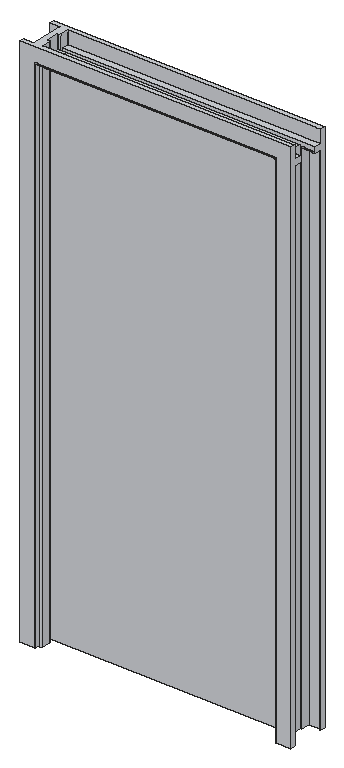
Revit family "KompaktSystem", category Drzwi, Revit 2016
Family settings
  Obiekt nadrzędny = Ściana
  Zawsze pionowo = Tak
  Tnij formami wycięć po wczytaniu = Nie
  Współdzielony = Nie
  Punkt obliczania pomieszczeń = Nie
Parameters (values of type "90")
  URL = "www.porta.com.pl"
  Ss = 944 mm
  Producent = "PORTA KMI POLAND"  # constant formula
  Wysokość = 2075 mm
  Zakończenie ściany = Wg obiektu nadrzędnego
  Szerokość = 970 mm
  Materiał_skrzydło [instance] = none
  Materiał_ościeżnica [instance] = none
  Konstrukcja analityczna = "<Brak>"
  Informacja = "Własność Porta KMI Poland, wszelkie prawa zastrzeżone."  # constant formula
  Hs = 2030 mm
  Funkcja = Wewnętrzna
  1 = -Szerokość - 83 mm  # -1053 mm
Types (5, lengths in mm): name | Ss | Szerokość | 1
  60 | 644 | 670 | -753
  70 | 744 | 770 | -853
  80 | 844 | 870 | -953
  90 | 944 | 970 | -1053
  100 | 1044 | 1070 | -1153
Reference planes
  plane 1: y = 0
  plane 2 "Środek (Lewa/Prawa)": x = 0
  plane 3 "Lewy": x = -485
  plane 4 "Prawy": x = 485
  plane 5: z = 2075
  plane 6 "Zewnętrzna": y = 62.5
  plane 7 "Wewnętrzna": y = -62.5
  plane 8: x = -521
  plane 9: x = 532
  plane 10: z = 2090
  plane 11: x = 460
  plane 12: x = 482
  plane 13: z = 8
Forms (mm)
  Extrusion 1, solid, material <- "Materiał_ościeżnica"
    sketch origin (0, 0, 0) x (1, 0, 0) y (0, 1, 0)
      loop
        arc (-464, -81.5) -> (-461.879, -80.621) -> (-461, -78.5) r 3
        line (-461, -78.5) -> (-461, -66.5) -> (-454, -66.5)
        arc (-454, -66.5) -> (-450.464, -65.036) -> (-449, -61.5) r 5
        line (-449, -61.5) -> (-449, -28.5)
        arc (-449, -28.5) -> (-450.464, -24.964) -> (-454, -23.5) r 5
        line (-454, -23.5) -> (-460, -23.5) -> (-460, 23.5) -> (-454, 23.5)
        arc (-454, 23.5) -> (-450.464, 24.964) -> (-449, 28.5) r 5
        line (-449, 28.5) -> (-449, 61.5)
        arc (-449, 61.5) -> (-450.464, 65.036) -> (-454, 66.5) r 5
        line (-454, 66.5) -> (-461, 66.5) -> (-461, 78.5)
        arc (-461, 78.5) -> (-461.879, 80.621) -> (-464, 81.5) r 3
        line (-464, 81.5) -> (-521, 81.5) -> (-521, 62.5) -> (-516, 62.5) -> (-516, 66.5) -> (-471, 66.5) -> (-471, 63) -> (-482, 63) -> (-482, -63) -> (-471, -63) -> (-471, -66.5) -> (-516, -66.5) -> (-516, -62.5) -> (-521, -62.5) -> (-521, -81.5) -> (-464, -81.5)
    from 0 to 2090
  Extrusion 2, solid, material <- "Materiał_ościeżnica"
    sketch origin (-521, -62.5, 1200) x (0, -1, 0) y (0, 0, 1)
      loop
        arc (16, 830) -> (18.121, 830.879) -> (19, 833) r 3
        line (19, 833) -> (19, 890) -> (0, 890) -> (0, 840) -> (-29, 840) -> (-29, 823)
        arc (-29, 823) -> (-27.536, 819.464) -> (-24, 818) r 5
        line (-24, 818) -> (-1, 818)
        arc (-1, 818) -> (2.536, 819.464) -> (4, 823) r 5
        line (4, 823) -> (4, 830) -> (16, 830)
      loop
        arc (-144, 833) -> (-143.121, 830.879) -> (-141, 830) r 3
        line (-141, 830) -> (-129, 830) -> (-129, 823)
        arc (-129, 823) -> (-127.536, 819.464) -> (-124, 818) r 5
        line (-124, 818) -> (-101, 818)
        arc (-101, 818) -> (-97.464, 819.464) -> (-96, 823) r 5
        line (-96, 823) -> (-96, 840) -> (-125, 840) -> (-125, 890) -> (-144, 890) -> (-144, 833)
    from 0 to -1053 <- "1"
  Extrusion 3, solid, material <- "Materiał_ościeżnica"
    sketch origin (0, 0, 0) x (1, 0, 0) y (0, 1, 0)
      loop
        arc (475, 81.5) -> (472.879, 80.621) -> (472, 78.5) r 3
        line (472, 78.5) -> (472, 66.5) -> (527, 66.5) -> (527, 62.5) -> (532, 62.5) -> (532, 81.5) -> (475, 81.5)
      loop
        arc (472, -78.5) -> (472.879, -80.621) -> (475, -81.5) r 3
        line (475, -81.5) -> (532, -81.5) -> (532, -62.5) -> (527, -62.5) -> (527, -66.5) -> (472, -66.5) -> (472, -78.5)
    from 0 to 2090
  Extrusion 4, solid, material <- "Materiał_ościeżnica"
    sketch origin (0, 0, 0) x (1, 0, 0) y (0, 1, 0)
      loop
        arc (460, 38.5) -> (461.464, 34.964) -> (465, 33.5) r 5
        line (465, 33.5) -> (482, 33.5) -> (482, 66.5) -> (465, 66.5)
        arc (465, 66.5) -> (461.464, 65.036) -> (460, 61.5) r 5
        line (460, 61.5) -> (460, 38.5)
      loop
        arc (465, -33.5) -> (461.464, -34.964) -> (460, -38.5) r 5
        line (460, -38.5) -> (460, -61.5)
        arc (460, -61.5) -> (461.464, -65.036) -> (465, -66.5) r 5
        line (465, -66.5) -> (482, -66.5) -> (482, -33.5) -> (465, -33.5)
    from 0 to 2040
  Extrusion 5, solid, material <- "Materiał_skrzydło"
    sketch origin (-470.595, -300, 8) x (-1, 0, 0) y (0, -1, 0)
      loop
        line (-10.595, -320) -> (-10.595, -280) -> (-954.595, -280) -> (-954.595, -320) -> (-10.595, -320)
    from 0 to 2030
Cuts and joins
  joined: Extrusion 1, Extrusion 2, Extrusion 3, Extrusion 4
Lines and regions (mm)
  Opening 1
    outline origin (-3050, -62.5, 0) x (1, 0, 0) y (0, 0, 1)
      loop
        line (2565, 0) -> (3535, 0) -> (3535, 2075) -> (2565, 2075) -> (2565, 0)
Text (mm)
  text "Zewnętrzna" at (-2295.016, 1099.543, 0), in view "Poziom odniesienia"
  text "Zewnętrzna" at (0, 1615.38, 3698.081), in view "Lewy"
  text "Zewnętrzna" at (0, 1036.032, 3874.932), in view "Prawy"
Dimensions and locks
  equal spacing: plane 3 "Lewy", plane 2 "Środek (Lewa/Prawa)", plane 4 "Prawy"
  "Szerokość": plane 3 "Lewy" to plane 4 "Prawy"
  "Wysokość": plane 5 to host wall
  host wall to plane 5 = 2075 mm  (x2)
  locked: plane 6 "Zewnętrzna" to host wall at 0
  locked: plane 7 "Wewnętrzna" to host wall
  locked: Extrusion 1 sketch curve to Extrusion 1 sketch curve at 125
  locked: plane 8 to plane 3 "Lewy" at 36
  locked: plane 4 "Prawy" to plane 9 at 47
  locked: plane 5 to plane 10 at 15
  locked: Extrusion 3 sketch curve to Extrusion 3 sketch curve at 125
  locked: plane 11 to plane 9 at 72
  locked: plane 12 to plane 9 at 50
  locked: plane 13 to level at 8
  "Ss": Extrusion 5 sketch curve to Extrusion 5 sketch curve
  locked: plane 3 "Lewy" to Extrusion 5 sketch curve at 25
  equal spacing: Extrusion 5 sketch curve, host wall, Extrusion 5 sketch curve, locked at 20 each
  aligned and locked: plane 3 "Lewy" to Opening 1 sketch curve
  aligned and locked: plane 5 to Opening 1 sketch curve  (x2)
  aligned and locked: Opening 1 sketch curve to plane 4 "Prawy"
  aligned and locked: Opening 1 sketch curve to level
  aligned and locked: plane 1 to host wall
  aligned and locked: plane 7 "Wewnętrzna" to Extrusion 1 sketch curve
  aligned and locked: plane 8 to Extrusion 1 sketch curve
  aligned and locked: Extrusion 1 sketch curve to plane 8
  aligned and locked: Extrusion 2 sketch curve to plane 10
  aligned and locked: plane 10 to Extrusion 2 sketch curve
  aligned and locked: Extrusion 3 sketch curve to plane 9
  aligned and locked: plane 9 to Extrusion 3 sketch curve
  aligned and locked: Extrusion 3 sketch curve to plane 7 "Wewnętrzna"
  aligned and locked: Extrusion 4 sketch curve to plane 11
  aligned and locked: plane 11 to Extrusion 4 sketch curve
  aligned and locked: Extrusion 4 sketch curve to plane 12
  aligned and locked: plane 12 to Extrusion 4 sketch curve
Automatic sketch dimensions
  Extrusion 1 sketch curve to Extrusion 1 sketch curve = 5 mm  (x4)
  host wall to Extrusion 1 sketch curve = 0.5 mm
  Extrusion 1 sketch curve to Extrusion 1 sketch curve = 34 mm
  Extrusion 1 sketch curve to Extrusion 1 sketch curve = 11 mm  (x3)
  Extrusion 1 sketch curve to Extrusion 1 sketch curve = 7 mm  (x4)
  Extrusion 1 sketch curve to Extrusion 1 sketch curve = 3 mm  (x2)
  Extrusion 1 sketch curve to Extrusion 1 sketch curve = 6 mm  (x2)
  Extrusion 1 sketch curve to Extrusion 1 sketch curve = 12 mm  (x2)
  Extrusion 1 sketch curve to Extrusion 1 sketch curve = 3.5 mm
  Extrusion 1 sketch curve to Extrusion 1 sketch curve = 4 mm  (x2)
  Extrusion 1 sketch curve to host wall = 34 mm
  Extrusion 1 sketch curve to host wall = 23.5 mm
  Extrusion 1 sketch curve to host wall = 1 mm
  Extrusion 2 sketch curve to host wall = 62.5 mm
  Extrusion 2 sketch curve to host wall = 66.5 mm
  Extrusion 2 sketch curve to host wall = 61.5 mm
  Extrusion 2 sketch curve to Extrusion 2 sketch curve = 23 mm  (x2)
  Extrusion 2 sketch curve to Extrusion 2 sketch curve = 5 mm  (x3)
  Extrusion 2 sketch curve to host wall = 29 mm
  Extrusion 2 sketch curve to Extrusion 2 sketch curve = 19 mm
  level to Extrusion 2 sketch curve = 2040 mm
  Extrusion 2 sketch curve to Extrusion 2 sketch curve = 7 mm  (x2)
  Extrusion 2 sketch curve to Extrusion 2 sketch curve = 17 mm
  Extrusion 2 sketch curve to Extrusion 2 sketch curve = 3 mm  (x2)
  Extrusion 2 sketch curve to Extrusion 2 sketch curve = 22 mm
  host wall to Extrusion 1 sketch curve = 4 mm
  Extrusion 2 sketch curve to Extrusion 2 sketch curve = 12 mm  (x2)
  plane 5 to Extrusion 2 sketch curve = 57 mm
  Extrusion 3 sketch curve to plane 9 = 5 mm  (x2)
  plane 4 "Prawy" to Extrusion 3 sketch curve = 10 mm  (x2)
  Extrusion 3 sketch curve to Extrusion 3 sketch curve = 3 mm  (x2)
  host wall to Extrusion 3 sketch curve = 4 mm  (x2)
  Extrusion 3 sketch curve to Extrusion 3 sketch curve = 12 mm  (x2)
  Extrusion 4 sketch curve to host wall = 61.5 mm
  Extrusion 4 sketch curve to host wall = 24 mm
  Extrusion 4 sketch curve to Extrusion 4 sketch curve = 5 mm  (x4)
  Extrusion 4 sketch curve to Extrusion 4 sketch curve = 23 mm
  Extrusion 4 sketch curve to host wall = 33.5 mm
  Extrusion 5 sketch curve to host wall = 20 mm
